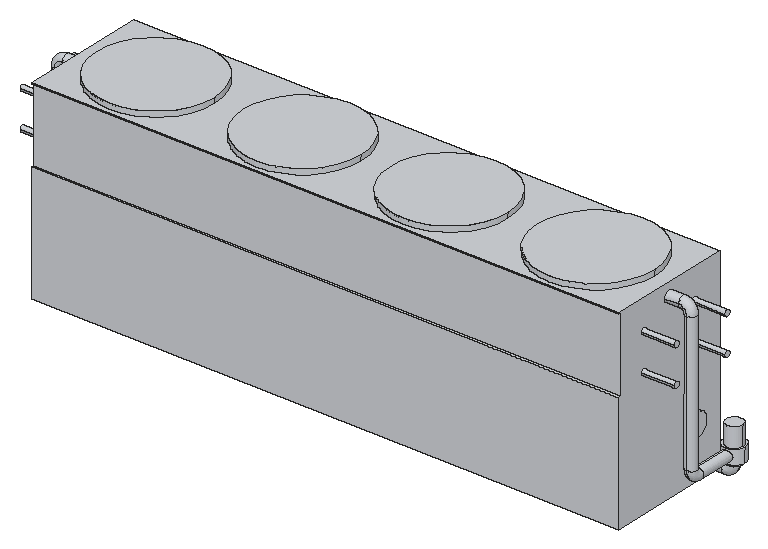
Revit family "880daf4476744f56b9529a714e6fabf3", category Mechanical Equipment, Revit 2021
Family settings
  Round Connector Dimension = Use Radius
  Part Type = Normal
  OmniClass Number = 23.75.10.37.11
  OmniClass Title = Mechanical-Draft Cooling Towers
  Seek Item ID = Cooling Tower - Closed Circuit - Counterflow - 454-1289 MBH-0000-USA-ENU
  Work Plane-Based = No
  Always vertical = Yes
  Cut with Voids When Loaded = No
  Shared = No
  Room Calculation Point = No
Parameters (values of type "936 MBH")
  Voltage = 460 V
  Visible 2 = no
  Visible 1 = yes
  Tower Width = 7' - 10"
  Tower Material = none
  Tower Length = 36' - 1 1/2"
  Tower Height = 12' - 3 1/4"
  Radius 2 = Tower Length / 14  # 2' - 6.96429"
  Radius 1 = Tower Length / 10  # 3' - 7.35"
  Make-up Water Radius = 1"
  Make-up Water Pressure Drop [instance] = 0.00 psi
  Load Classification = Cooling
  Drain Radius = 2"
  Default Elevation = 0' - 0"
  Cooling Water Pressure Drop [instance] = 75.00 psi
  Number of Poles = 3
  Number of Fans [instance] = 4
  Motor HP = 115
  Make-up Water Flow [instance] = 0.05 * Cooling Water Flow / 100  # 0.84 GPM
  Length 2 = 1' - 7 3/4"
  Length 1 = 2' - 0 7/8"
  Height 1 = 7' - 3 3/8"
  Heat Loss [instance] = 936000 Btu/h
  Fan Air Flow [instance] = 165800 CFM
  Distance 2 = 2' - 3"
  Distance 1 = 3' - 10 7/8"
  Cooling Water Radius = Cooling Water Diameter / 2  # 2"
  Cooling Water Flow [instance] = 1680 GPM
  Cooling Water Diameter = 4"
  C9 Offset 2 = 2' - 11"
  C9 Offset 1 = 3' - 2 5/8"
  C7 Offset 2 = 0' - 7"
  C10 Offset 2 = 0' - 3 1/4"
  C10 Offset 1 = 3' - 2 5/8"
  C1 Offset 1 = 2' - 0 1/2"
  Apparent Load = 72078 VA
Types (17): name | Visible 2 | Visible 1 | Tower Width | Tower Length | Tower Height | Radius 2 | Radius 1 | Cooling Water Pressure Drop | Number of Fans | Motor HP | Make-up Water Flow | Length 2 | Length 1 | Height 1 | Heat Loss | Fan Air Flow | Distance 2 | Distance 1 | Cooling Water Flow | C9 Offset 2 | C9 Offset 1 | C7 Offset 2 | C10 Offset 2 | C10 Offset 1 | C1 Offset 1 | Apparent Load
  (no name) | no | yes | 7' - 10" | 36' - 1 1/2" | 12' - 3 1/4" | 2' - 6.96429" | 3' - 7.35" | 75.00 psi | 4 | 115 | 0.84 GPM | 1' - 7 3/4" | 2' - 0 7/8" | 7' - 3 3/8" | 936000 Btu/h | 165800 CFM | 2' - 3" | 3' - 10 7/8" | 1680 GPM | 2' - 11" | 3' - 2 5/8" | 0' - 7" | 0' - 3 1/4" | 3' - 2 5/8" | 2' - 0 1/2" | 72078 VA
  998 MBH | no | yes | 9' - 9 3/4" | 36' - 1 1/2" | 12' - 10 3/4" | 2' - 6.96429" | 3' - 7.35" | 75.00 psi | 4 | 117 | 0.84 GPM | 1' - 7 3/4" | 2' - 0 7/8" | 7' - 3 3/8" | 998000 Btu/h | 162400 CFM | 2' - 3" | 3' - 11 7/8" | 1680 GPM | 2' - 11" | 3' - 2 5/8" | 0' - 7" | 0' - 3 1/4" | 3' - 2 5/8" | 2' - 0 1/2" | 73331 VA
  1078 MBH | yes | no | 9' - 9 3/4" | 36' - 2" | 13' - 2 3/4" | 2' - 7" | 3' - 7.4" | 80.00 psi | 6 | 75 | 1.03 GPM | 1' - 9" | 2' - 2" | 8' - 6 1/2" | 1078000 Btu/h | 224400 CFM | 2' - 6 3/4" | 4' - 9" | 2060 GPM | 2' - 7" | 4' - 1 7/8" | 0' - 4 5/8" | 0' - 3 3/4" | 1' - 11 7/8" | 2' - 6 1/4" | 47007 VA
  1210 MBH | yes | no | 9' - 9 3/4" | 36' - 2" | 13' - 11 1/4" | 2' - 7" | 3' - 7.4" | 80.00 psi | 6 | 75 | 1.03 GPM | 1' - 9" | 2' - 2" | 8' - 6 1/2" | 1210000 Btu/h | 217400 CFM | 2' - 6 3/4" | 4' - 9" | 2060 GPM | 2' - 7" | 4' - 1 7/8" | 0' - 4 5/8" | 0' - 3 3/4" | 1' - 11 7/8" | 2' - 6 1/4" | 47007 VA
  1289 MBH | yes | no | 9' - 9 3/4" | 36' - 2" | 14' - 7 3/4" | 2' - 7" | 3' - 7.4" | 80.00 psi | 6 | 75 | 1.03 GPM | 1' - 9" | 2' - 2" | 8' - 6 1/2" | 1289000 Btu/h | 212400 CFM | 2' - 6 3/4" | 4' - 9" | 2060 GPM | 2' - 7" | 4' - 1 7/8" | 0' - 4 5/8" | 0' - 3 3/4" | 1' - 11 7/8" | 2' - 6 1/4" | 47007 VA
  454 MBH | no | yes | 7' - 10" | 24' - 1" | 11' - 0 1/4" | 1' - 8.64286" | 2' - 4.9" | 70.00 psi | 4 | 60 | 0.57 GPM | 1' - 6 5/8" | 1' - 6" | 7' - 3 3/8" | 454000 Btu/h | 104700 CFM | 2' - 3" | 3' - 8 7/8" | 1140 GPM | 2' - 11" | 3' - 2 5/8" | 0' - 7" | 0' - 3 1/4" | 3' - 2 5/8" | 2' - 0 1/2" | 37606 VA
  552 MBH | no | yes | 7' - 10" | 24' - 1" | 11' - 7 3/4" | 1' - 8.64286" | 2' - 4.9" | 70.00 psi | 4 | 70 | 0.57 GPM | 1' - 6 5/8" | 1' - 6" | 7' - 3 3/8" | 552000 Btu/h | 109100 CFM | 2' - 3" | 3' - 9 7/8" | 1140 GPM | 2' - 11" | 3' - 2 5/8" | 0' - 7" | 0' - 3 1/4" | 3' - 2 5/8" | 2' - 0 1/2" | 43874 VA
  588 MBH | yes | no | 7' - 10" | 18' - 0 1/4" | 12' - 6 1/4" | 1' - 3.44643" | 1' - 9 5/8" | 75.00 psi | 6 | 90 | 0.515 GPM | 1' - 5" | 1' - 5" | 8' - 6 1/2" | 588000 Btu/h | 107200 CFM | 2' - 6 3/4" | 4' - 9" | 1030 GPM | 2' - 7" | 4' - 1 7/8" | 0' - 4 5/8" | 0' - 3 3/4" | 1' - 11 7/8" | 2' - 6 1/4" | 56409 VA
  618 MBH | no | yes | 7' - 10" | 24' - 1" | 12' - 3 1/4" | 1' - 8.64286" | 2' - 4.9" | 70.00 psi | 4 | 90 | 0.57 GPM | 1' - 6 5/8" | 1' - 6" | 7' - 3 3/8" | 618000 Btu/h | 117700 CFM | 2' - 3" | 3' - 10 7/8" | 1140 GPM | 2' - 11" | 3' - 2 5/8" | 0' - 7" | 0' - 3 1/4" | 3' - 2 5/8" | 2' - 0 1/2" | 56409 VA
  658 MBH | no | yes | 9' - 9 3/4" | 24' - 1" | 12' - 10 3/4" | 1' - 8.64286" | 2' - 4.9" | 70.00 psi | 4 | 90 | 0.57 GPM | 1' - 6 5/8" | 1' - 6" | 7' - 3 3/8" | 658000 Btu/h | 115300 CFM | 2' - 3" | 3' - 11 7/8" | 1140 GPM | 2' - 11" | 3' - 2 5/8" | 0' - 7" | 0' - 3 1/4" | 3' - 2 5/8" | 2' - 0 1/2" | 56409 VA
  688 MBH | no | yes | 9' - 9 3/4" | 36' - 1 1/2" | 11' - 0 1/4" | 2' - 6.96429" | 3' - 7.35" | 75.00 psi | 4 | 97 | 0.84 GPM | 1' - 7 3/4" | 2' - 0 7/8" | 7' - 3 3/8" | 688000 Btu/h | 160200 CFM | 2' - 3" | 3' - 8 7/8" | 1680 GPM | 2' - 11" | 3' - 2 5/8" | 0' - 7" | 0' - 3 1/4" | 3' - 2 5/8" | 2' - 0 1/2" | 60796 VA
  712 MBH | yes | no | 9' - 9 3/4" | 18' - 0 1/4" | 13' - 2 3/4" | 1' - 3.44643" | 1' - 9 5/8" | 75.00 psi | 6 | 90 | 0.515 GPM | 1' - 5" | 1' - 5" | 8' - 6 1/2" | 712000 Btu/h | 112200 CFM | 2' - 6 3/4" | 4' - 9" | 1030 GPM | 2' - 7" | 4' - 1 7/8" | 0' - 4 5/8" | 0' - 3 3/4" | 1' - 11 7/8" | 2' - 6 1/4" | 56409 VA
  799 MBH | yes | no | 9' - 9 3/4" | 18' - 0 1/4" | 13' - 11 1/4" | 1' - 3.44643" | 1' - 9 5/8" | 75.00 psi | 6 | 90 | 0.515 GPM | 1' - 5" | 1' - 5" | 8' - 6 1/2" | 799000 Btu/h | 108700 CFM | 2' - 6 3/4" | 4' - 9" | 1030 GPM | 2' - 7" | 4' - 1 7/8" | 0' - 4 5/8" | 0' - 3 3/4" | 1' - 11 7/8" | 2' - 6 1/4" | 56409 VA
  834 MBH | no | yes | 7' - 10" | 36' - 1 1/2" | 11' - 7 3/4" | 2' - 6.96429" | 3' - 7.35" | 75.00 psi | 4 | 99 | 0.84 GPM | 1' - 7 3/4" | 2' - 0 7/8" | 7' - 3 3/8" | 834000 Btu/h | 157100 CFM | 2' - 3" | 3' - 9 7/8" | 1680 GPM | 2' - 11" | 3' - 2 5/8" | 0' - 7" | 0' - 3 1/4" | 3' - 2 5/8" | 2' - 0 1/2" | 62050 VA
  851 MBH | yes | no | 7' - 10" | 18' - 0 1/4" | 14' - 7 3/4" | 1' - 3.44643" | 1' - 9 5/8" | 75.00 psi | 6 | 90 | 0.515 GPM | 1' - 5" | 1' - 5" | 8' - 6 1/2" | 851000 Btu/h | 106200 CFM | 2' - 6 3/4" | 4' - 9" | 1030 GPM | 2' - 7" | 4' - 1 7/8" | 0' - 4 5/8" | 0' - 3 3/4" | 1' - 11 7/8" | 2' - 6 1/4" | 56409 VA
  870 MBH | yes | no | 7' - 10" | 36' - 2" | 12' - 6 1/4" | 2' - 7" | 3' - 7.4" | 80.00 psi | 6 | 65 | 1.03 GPM | 1' - 9" | 2' - 2" | 8' - 6 1/2" | 870000 Btu/h | 214400 CFM | 2' - 6 3/4" | 4' - 9" | 2060 GPM | 2' - 7" | 4' - 1 7/8" | 0' - 4 5/8" | 0' - 3 3/4" | 1' - 11 7/8" | 2' - 6 1/4" | 40740 VA
  936 MBH | no | yes | 7' - 10" | 36' - 1 1/2" | 12' - 3 1/4" | 2' - 6.96429" | 3' - 7.35" | 75.00 psi | 4 | 115 | 0.84 GPM | 1' - 7 3/4" | 2' - 0 7/8" | 7' - 3 3/8" | 936000 Btu/h | 165800 CFM | 2' - 3" | 3' - 10 7/8" | 1680 GPM | 2' - 11" | 3' - 2 5/8" | 0' - 7" | 0' - 3 1/4" | 3' - 2 5/8" | 2' - 0 1/2" | 72078 VA
Reference planes
  plane 1 "Center (Front/Back)": y = 0
  plane 2: z = 0
  plane 3 "Center (Left/Right)": x = 0
  plane 4: y = 2387.6
  plane 5: x = 11010.9
  plane 6: x = -631.825
  plane 7: y = 50.8
  plane 8: z = 3740.15
  plane 9: z = 3616.325
  plane 10: z = 3641.725
  plane 11: z = 2219.325
  plane 12 "2": x = -428.625
  plane 13 "1": y = 2184.4
  plane 14: z = 1066.8
  plane 15: z = 82.55
  plane 16: z = 184.15
  plane 17: z = 336.55
  plane 18: z = 387.35
  plane 19: z = 641.35
  plane 20: z = 996.95
  plane 21: z = 514.35
  plane 22: x = -276.225
  plane 23: x = 11642.725
  plane 24 "4": x = 11439.525
  plane 25: x = 11287.125
  plane 26: y = 1765.3
  plane 27: y = 574.675
  plane 28 "3": y = 1169.987
  plane 29: y = 1322.387
  plane 30: z = 666.75
  plane 31: z = 3514.725
  plane 32: z = 3260.725
  plane 33: z = 3413.125
  plane 34: z = 2397.125
  plane 35: z = 3082.925
  plane 36: z = 889
  plane 37: y = 1406.525
  plane 38: y = 1406.525
  plane 39: x = -50.8
  plane 40: x = 11061.7
  plane 41: z = 2092.325
  plane 42: z = 127
  plane 43: x = 127
  plane 44: x = 10883.9
  plane 45: z = 1811.564
  plane 46: z = 1530.804
  plane 47: z = 1250.043
  plane 48: z = 969.282
  plane 49: z = 688.521
  plane 50: z = 407.761
  plane 51: x = 5505.45
  plane 52: x = 8258.175
  plane 53: x = 2752.725
  plane 54: x = 7340.6
  plane 55: x = 9175.75
  plane 56: x = 3670.3
  plane 57: x = 1835.15
  plane 58: x = 10093.325
  plane 59: x = 917.575
  plane 60: x = 4587.875
  plane 61: x = 6423.025
  plane 62: x = 4129.087
  plane 63: x = 6881.813
  plane 64: x = 1376.363
  plane 65: x = 9634.538
  plane 66: y = 1193.8
Forms (mm)
  Extrusion 1, solid, material <- "Tower Material"
    sketch origin (0, 0, 0) x (0, 1, 0) y (0, 0, 1)
      loop
        line (2387.6, 3641.725) -> (0, 3641.725) -> (0, 3616.325) -> (50.8, 3616.325) -> (50.8, 2219.325) -> (0, 2219.325) -> (0, 0) -> (2387.6, 0) -> (2387.6, 3641.725)
    from 11010.9 to 0
  Extrusion 2, solid, material <- "Tower Material", detail levels medium+fine
    sketch origin (0, 0, 0) x (1, 0, 0) y (0, 1, 0)
      loop
        circle (-428.625, 2184.4) r 203.2
      loop
        circle (11439.525, 2184.4) r 203.2
    from 387.35 to 641.35
  Extrusion 3, solid, material <- "Tower Material", detail levels medium+fine
    sketch origin (0, 0, 0) x (1, 0, 0) y (0, 1, 0)
      loop
        circle (-428.625, 2184.4) r 152.4
      loop
        circle (11439.525, 2184.4) r 152.4
    from 336.55 to 996.95
  Sweep 4, solid, material <- "Tower Material", detail levels medium+fine
    path in 3D
      loop
        arc (-428.625, 2184.4, 336.55) -> (-383.988, 2184.4, 228.787) -> (-276.225, 2184.4, 184.15) r 152.4
        line (-276.225, 2184.4, 184.15) -> (0, 2184.4, 184.15)
    profile origin (-138.112, 2184.4, 184.15) x (0, 0, -1) y (0, 1, 0)
      loop
        circle (0, 0) r 101.6
  Sweep 5, solid, material <- "Tower Material", detail levels medium+fine
    path in 3D
      loop
        arc (11439.525, 2184.4, 336.55) -> (11394.888, 2184.4, 228.787) -> (11287.125, 2184.4, 184.15) r 152.4
        line (11287.125, 2184.4, 184.15) -> (11010.9, 2184.4, 184.15)
    profile origin (11149.013, 2184.4, 184.15) x (0, 0, 1) y (0, 1, 0)
      loop
        circle (0, 0) r 101.6
  Sweep 6, solid, material <- "Tower Material", detail levels medium+fine
    path in 3D
      loop
        line (-428.625, 2184.4, 514.35) -> (-428.625, 1322.387, 514.35)
        arc (-428.625, 1322.387, 514.35) -> (-428.625, 1214.624, 558.987) -> (-428.625, 1169.987, 666.75) r 152.4
        line (-428.625, 1169.987, 666.75) -> (-428.625, 1169.987, 3260.725)
        arc (-428.625, 1169.987, 3260.725) -> (-383.988, 1169.987, 3368.488) -> (-276.225, 1169.987, 3413.125) r 152.4
        line (-276.225, 1169.987, 3413.125) -> (0, 1169.987, 3413.125)
    profile origin (-428.625, 1753.394, 514.35) x (0, 0, -1) y (1, 0, 0)
      loop
        circle (0, 0) r 101.6
  Sweep 7, solid, material <- "Tower Material", detail levels medium+fine
    path in 3D
      loop
        line (11439.525, 2184.4, 514.35) -> (11439.525, 1322.387, 514.35)
        arc (11439.525, 1322.387, 514.35) -> (11439.525, 1214.624, 558.987) -> (11439.525, 1169.987, 666.75) r 152.4
        line (11439.525, 1169.987, 666.75) -> (11439.525, 1169.987, 3260.725)
        arc (11439.525, 1169.987, 3260.725) -> (11394.888, 1169.987, 3368.488) -> (11287.125, 1169.987, 3413.125) r 152.4
        line (11287.125, 1169.987, 3413.125) -> (11010.9, 1169.987, 3413.125)
    profile origin (11439.525, 1753.394, 514.35) x (0, 0, -1) y (1, 0, 0)
      loop
        circle (0, 0) r 101.6
  Extrusion 8, solid, material <- "Tower Material"
    sketch origin (11439.525, 0, 0) x (0, 1, 0) y (0, 0, 1)
      loop
        circle (1765.3, 3082.925) r 50.8
      loop
        circle (574.675, 3082.925) r 50.8
      loop
        circle (1765.3, 2397.125) r 50.8
      loop
        circle (574.675, 2397.125) r 50.8
    from -12071.35 to -11439.525
  Extrusion 9, solid, material <- "Tower Material"
    sketch origin (11439.525, 0, 0) x (0, 1, 0) y (0, 0, 1)
      loop
        circle (1765.3, 3082.925) r 50.8
      loop
        circle (574.675, 3082.925) r 50.8
      loop
        circle (1765.3, 2397.125) r 50.8
      loop
        circle (574.675, 2397.125) r 50.8
    from -428.625 to 203.2
  Extrusion 10, solid, material <- "Tower Material"
    sketch origin (11439.525, 0, 0) x (0, 1, 0) y (0, 0, 1)
      loop
        circle (1406.525, 889) r 25.4
      loop
        circle (1765.3, 996.95) r 228.6
      loop
        circle (1406.525, 82.55) r 50.8
    from -11490.325 to -11439.525
  Extrusion 11, solid, material <- "Tower Material"
    sketch origin (11439.525, 0, 0) x (0, 1, 0) y (0, 0, 1)
      loop
        circle (1765.3, 996.95) r 228.6
    from -428.625 to -377.825
  Extrusion 12, solid, material <- "Tower Material", visible <- "Visible 1"
    sketch origin (0, 0, 0) x (1, 0, 0) y (0, 1, 0)
      loop
        circle (1376.363, 1193.8) r 1101.09
      loop
        circle (4129.088, 1193.8) r 1101.09
      loop
        circle (6881.813, 1193.8) r 1101.09
      loop
        circle (9634.538, 1193.8) r 1101.09
    from 3641.725 to 3740.15
  Extrusion 13, solid, material <- "Tower Material", visible <- "Visible 2"
    sketch origin (0, 0, 0) x (1, 0, 0) y (0, 1, 0)
      loop
        circle (917.575, 1193.8) r 786.493
      loop
        circle (2752.725, 1193.8) r 786.493
      loop
        circle (4587.875, 1193.8) r 786.493
      loop
        circle (6423.025, 1193.8) r 786.493
      loop
        circle (8258.175, 1193.8) r 786.493
      loop
        circle (10093.325, 1193.8) r 786.493
    from 3641.725 to 3740.15
Cuts and joins
  joined: Extrusion 2, Extrusion 3, Sweep 4, Sweep 5, Sweep 6, Sweep 7
  joined: Extrusion 1, Extrusion 8, Extrusion 9, Extrusion 10, Extrusion 11
Lines and regions (mm)
  reference lines
    curve 1: arc (-428.625, 2184.4, 336.55) -> (-383.988, 2184.4, 228.787) -> (-276.225, 2184.4, 184.15) r 152.4
    curve 2: line (-276.225, 2184.4, 184.15) -> (0, 2184.4, 184.15)
    curve 5: arc (11287.125, 2184.4, 184.15) -> (11394.888, 2184.4, 228.787) -> (11439.525, 2184.4, 336.55) r 152.4
    curve 6: line (11287.125, 2184.4, 184.15) -> (11010.9, 2184.4, 184.15)
    curve 9: line (-428.625, 2184.4, 514.35) -> (-428.625, 1322.387, 514.35)
    curve 10: arc (-428.625, 1322.387, 514.35) -> (-428.625, 1214.624, 558.987) -> (-428.625, 1169.987, 666.75) r 152.4
    curve 11: line (-428.625, 1169.987, 666.75) -> (-428.625, 1169.987, 3260.725)
    curve 12: arc (-428.625, 1169.987, 3260.725) -> (-383.988, 1169.987, 3368.488) -> (-276.225, 1169.987, 3413.125) r 152.4
    curve 13: line (-276.225, 1169.987, 3413.125) -> (0, 1169.987, 3413.125)
    curve 19: line (11439.525, 2184.4, 514.35) -> (11439.525, 1322.387, 514.35)
    curve 20: arc (11439.525, 1322.387, 514.35) -> (11439.525, 1214.624, 558.987) -> (11439.525, 1169.987, 666.75) r 152.4
    curve 21: line (11439.525, 1169.987, 666.75) -> (11439.525, 1169.987, 3260.725)
    curve 22: arc (11439.525, 1169.987, 3260.725) -> (11394.888, 1169.987, 3368.488) -> (11287.125, 1169.987, 3413.125) r 152.4
    curve 23: line (11287.125, 1169.987, 3413.125) -> (11010.9, 1169.987, 3413.125)
  sketch lines
    curve 3: line (-276.225, 2184.4, 184.15) -> (0, 2184.4, 184.15)
    curve 4: arc (-428.625, 2184.4, 336.55) -> (-383.988, 2184.4, 228.787) -> (-276.225, 2184.4, 184.15) r 152.4
    curve 7: line (11287.125, 2184.4, 184.15) -> (11010.9, 2184.4, 184.15)
    curve 8: arc (11287.125, 2184.4, 184.15) -> (11394.888, 2184.4, 228.787) -> (11439.525, 2184.4, 336.55) r 152.4
    curve 14: line (-428.625, 2184.4, 514.35) -> (-428.625, 1322.387, 514.35)
    curve 15: arc (-428.625, 1322.387, 514.35) -> (-428.625, 1214.624, 558.987) -> (-428.625, 1169.987, 666.75) r 152.4
    curve 16: line (-428.625, 1169.987, 666.75) -> (-428.625, 1169.987, 3260.725)
    curve 17: arc (-428.625, 1169.987, 3260.725) -> (-383.988, 1169.987, 3368.488) -> (-276.225, 1169.987, 3413.125) r 152.4
    curve 18: line (-276.225, 1169.987, 3413.125) -> (0, 1169.987, 3413.125)
    curve 24: line (11439.525, 2184.4, 514.35) -> (11439.525, 1322.387, 514.35)
    curve 25: arc (11439.525, 1322.387, 514.35) -> (11439.525, 1214.624, 558.987) -> (11439.525, 1169.987, 666.75) r 152.4
    curve 26: line (11439.525, 1169.987, 666.75) -> (11439.525, 1169.987, 3260.725)
    curve 27: arc (11439.525, 1169.987, 3260.725) -> (11394.888, 1169.987, 3368.488) -> (11287.125, 1169.987, 3413.125) r 152.4
    curve 28: line (11287.125, 1169.987, 3413.125) -> (11010.9, 1169.987, 3413.125)
  model lines, detail levels medium+fine
    curve 29: line (127, 0, 2092.325) -> (10883.9, 0, 2092.325)
    curve 30: line (127, 0, 127) -> (127, 0, 2092.325)
    curve 31: line (10883.9, 0, 127) -> (127, 0, 127)
    curve 32: line (10883.9, 0, 2092.325) -> (10883.9, 0, 127)
    curve 33: line (127, 0, 1811.564) -> (10883.9, 0, 1811.564)
    curve 34: line (10883.9, 0, 1530.804) -> (127, 0, 1530.804)
    curve 35: line (127, 0, 1250.043) -> (10883.9, 0, 1250.043)
    curve 36: line (10883.9, 0, 969.282) -> (127, 0, 969.282)
    curve 37: line (10883.9, 0, 688.521) -> (127, 0, 688.521)
    curve 38: line (10883.9, 0, 407.761) -> (127, 0, 407.761)
Dimensions and locks
  "Tower Width": plane 4 to plane 1 "Center (Front/Back)"
  "Tower Length": plane 3 "Center (Left/Right)" to plane 5
  "Length 1": plane 6 to plane 3 "Center (Left/Right)"
  locked: plane 7 to plane 1 "Center (Front/Back)" at 50.8
  "Tower Height": plane 8 to plane 2
  locked: plane 8 to plane 9 at 123.825
  locked: plane 10 to plane 9 at 25.4
  "Height 1": plane 11 to plane 2
  locked: plane 6 to plane 12 "2" at 203.2
  locked: plane 4 to plane 13 "1" at 203.2
  "C10 Offset 2": plane 15 to plane 2
  locked: plane 16 to plane 15 at 101.6
  locked: plane 17 to plane 16 at 152.4
  locked: plane 18 to plane 17 at 50.8
  locked: plane 19 to plane 18 at 254
  locked: plane 20 to plane 19 at 355.6
  equal spacing: plane 19, plane 21, plane 18
  locked: plane 22 to plane 12 "2" at 152.4
  "Length 1": plane 5 to plane 23
  locked: plane 24 "4" to plane 23 at 203.2
  locked: plane 24 "4" to plane 25 at 152.4
  "C1 Offset 1": plane 4 to plane 26
  "Distance 1": plane 26 to plane 27
  equal spacing: plane 26, plane 28 "3", plane 27
  locked: plane 29 to plane 28 "3" at 152.4
  locked: plane 30 to plane 21 at 152.4
  locked: plane 9 to plane 31 at 101.6
  locked: plane 32 to plane 31 at 254
  locked: plane 32 to plane 33 at 152.4
  "C7 Offset 2": plane 34 to plane 11
  "Distance 2": plane 35 to plane 34
  "C9 Offset 2": plane 36 to plane 2
  "C9 Offset 1": plane 4 to plane 37
  "C10 Offset 1": plane 4 to plane 38
  locked: plane 39 to plane 3 "Center (Left/Right)" at 50.8
  locked: plane 5 to plane 40 at 50.8
  locked: plane 11 to plane 41 at 127
  locked: plane 42 to plane 2 at 127
  locked: plane 5 to plane 44 at 127
  locked: plane 43 to plane 3 "Center (Left/Right)" at 127
  equal spacing: plane 41, plane 45, plane 46, plane 47, plane 48, plane 49, plane 50, plane 42
  equal spacing: plane 3 "Center (Left/Right)", plane 53, plane 51, plane 52, plane 5
  equal spacing: plane 3 "Center (Left/Right)", plane 57, plane 56, plane 51
  equal spacing: plane 51, plane 54, plane 55, plane 5
  equal spacing: plane 55, plane 58, plane 5
  equal spacing: plane 51, plane 61, plane 54
  equal spacing: plane 56, plane 60, plane 51
  equal spacing: plane 3 "Center (Left/Right)", plane 59, plane 57
  equal spacing: plane 3 "Center (Left/Right)", plane 64, plane 53
  equal spacing: plane 53, plane 62, plane 51
  equal spacing: plane 51, plane 63, plane 52
  equal spacing: plane 52, plane 65, plane 5
  equal spacing: plane 4, plane 66, plane 1 "Center (Front/Back)"
  radius of Extrusion 2 sketch curve = 0' - 8"  (x2)
  radius of Extrusion 3 sketch curve = 0' - 6"  (x2)
  radius of curve 1 = 0' - 6"
  radius of Sweep 4 sketch curve = 0' - 4"
  radius of curve 5 = 0' - 6"
  radius of Sweep 5 sketch curve = 0' - 4"
  radius of curve 10 = 0' - 6"
  radius of Sweep 6 sketch curve = 0' - 4"
  radius of curve 20 = 0' - 6"
  radius of curve 22 = 0' - 6"
  radius of Sweep 7 sketch curve = 0' - 4"
  "Cooling Water Radius": radius of Extrusion 8 sketch curve  (x4)
  "Cooling Water Radius": radius of Extrusion 9 sketch curve  (x4)
  "Drain Radius": radius of Extrusion 10 sketch curve
  radius of Extrusion 11 sketch curve = 0' - 9"
  "Make-up Water Radius": radius of Extrusion 10 sketch curve
  radius of Extrusion 10 sketch curve = 0' - 9"
  "Radius 1": radius of Extrusion 12 sketch curve  (x4)
  "Radius 2": radius of Extrusion 13 sketch curve  (x6)
  aligned and locked: plane 10 to Extrusion 1 sketch curve
  aligned and locked: plane 1 "Center (Front/Back)" to Extrusion 1 sketch curve  (x2)
  aligned and locked: Extrusion 1 sketch curve to plane 9
  aligned and locked: Extrusion 1 sketch curve to plane 7
  aligned and locked: Extrusion 1 sketch curve to plane 2
  aligned and locked: Extrusion 1 sketch curve to plane 4
  aligned and locked: plane 5 to Extrusion 1
  aligned and locked: Extrusion 1 to plane 3 "Center (Left/Right)"
  aligned and locked: plane 12 "2" to Extrusion 2 sketch curve
  aligned and locked: plane 13 "1" to Extrusion 2 sketch curve
  aligned and locked: Extrusion 2 to plane 18
  aligned and locked: plane 12 "2" to Extrusion 3 sketch curve
  aligned and locked: plane 13 "1" to Extrusion 3 sketch curve
  aligned and locked: Extrusion 3 to plane 20
  aligned and locked: Extrusion 3 to plane 17
  aligned and locked: plane 22 to curve 1
  aligned and locked: plane 17 to curve 1
  aligned and locked: plane 24 "4" to Extrusion 2 sketch curve
  aligned and locked: Extrusion 2 sketch curve to plane 13 "1"
  aligned and locked: plane 24 "4" to Extrusion 3 sketch curve
  aligned and locked: Extrusion 3 sketch curve to plane 13 "1"
  aligned and locked: plane 25 to curve 5
  aligned and locked: curve 5 to plane 17
  aligned and locked: plane 29 to curve 10
  aligned and locked: plane 30 to curve 10
  aligned and locked: plane 22 to curve 12
  aligned and locked: plane 32 to curve 12
  aligned and locked: plane 29 to curve 20
  aligned and locked: plane 30 to curve 20
  aligned and locked: plane 25 to curve 22
  aligned and locked: plane 32 to curve 22
  aligned and locked: plane 26 to Extrusion 8 sketch curve  (x2)
  aligned and locked: plane 35 to Extrusion 8 sketch curve  (x2)
  aligned and locked: plane 34 to Extrusion 8 sketch curve  (x2)
  aligned and locked: plane 27 to Extrusion 8 sketch curve  (x2)
  aligned and locked: Extrusion 8 to plane 6
  aligned and locked: plane 3 "Center (Left/Right)" to Extrusion 8
  aligned and locked: plane 27 to Extrusion 9 sketch curve  (x2)
  aligned and locked: plane 35 to Extrusion 9 sketch curve  (x2)
  aligned and locked: plane 34 to Extrusion 9 sketch curve  (x2)
  aligned and locked: plane 26 to Extrusion 9 sketch curve  (x2)
  aligned and locked: Extrusion 9 to plane 5
  aligned and locked: plane 23 to Extrusion 9
  aligned and locked: plane 38 to Extrusion 10 sketch curve
  aligned and locked: plane 15 to Extrusion 10 sketch curve
  aligned and locked: plane 26 to Extrusion 10 sketch curve
  aligned and locked: plane 20 to Extrusion 10 sketch curve
  aligned and locked: plane 37 to Extrusion 10 sketch curve
  aligned and locked: plane 36 to Extrusion 10 sketch curve
  aligned and locked: Extrusion 10 to plane 39
  aligned and locked: plane 3 "Center (Left/Right)" to Extrusion 10
  aligned and locked: plane 26 to Extrusion 11 sketch curve
  aligned and locked: plane 20 to Extrusion 11 sketch curve
  aligned and locked: Extrusion 11 to plane 5
  aligned and locked: plane 40 to Extrusion 11
  aligned and locked: plane 43 to curve 29
  aligned and locked: curve 29 to plane 41
  aligned and locked: plane 42 to curve 32
  aligned and locked: curve 32 to plane 44
  aligned and locked: plane 64 to Extrusion 12 sketch curve
  aligned and locked: plane 66 to Extrusion 12 sketch curve  (x4)
  aligned and locked: plane 62 to Extrusion 12 sketch curve
  aligned and locked: plane 63 to Extrusion 12 sketch curve
  aligned and locked: plane 65 to Extrusion 12 sketch curve
  aligned and locked: plane 58 to Extrusion 13 sketch curve
  aligned and locked: plane 66 to Extrusion 13 sketch curve  (x6)
  aligned and locked: plane 52 to Extrusion 13 sketch curve
  aligned and locked: plane 61 to Extrusion 13 sketch curve
  aligned and locked: plane 60 to Extrusion 13 sketch curve
  aligned and locked: plane 53 to Extrusion 13 sketch curve
  aligned and locked: plane 59 to Extrusion 13 sketch curve
  aligned and locked: Extrusion 12 to plane 8
  aligned and locked: Extrusion 12 to plane 10
  aligned and locked: Extrusion 13 to plane 8
  aligned and locked: Extrusion 13 to plane 10
Automatic sketch dimensions
  Extrusion 1 sketch curve to plane 11 = 0' - 0"
  Sweep 4 sketch curve to profile plane = 0' - 0"  (x2)
  curve 6 to plane 5 = 0' - 0"
  curve 2 to plane 3 "Center (Left/Right)" = 0' - 0"
  Sweep 5 sketch curve to profile plane = 0' - 0"  (x2)
  curve 9 to plane 13 "1" = 0' - 0"
  curve 11 to plane 32 = 0' - 0"
  Sweep 6 sketch curve to profile plane = 0' - 0"  (x2)
  curve 19 to plane 13 "1" = 0' - 0"
  curve 21 to plane 32 = 0' - 0"
  curve 13 to plane 33 = 0' - 0"
  curve 23 to plane 5 = 0' - 0"
  curve 13 to plane 3 "Center (Left/Right)" = 0' - 0"
  Sweep 7 sketch curve to profile plane = 0' - 0"  (x2)
  curve 38 to plane 50 = 0' - 0"
  curve 37 to plane 49 = 0' - 0"
  curve 36 to plane 48 = 0' - 0"
  curve 35 to plane 47 = 0' - 0"
  curve 34 to plane 46 = 0' - 0"
  curve 33 to plane 45 = 0' - 0"
Connectors
  piping at (-631.825, 1765.3, 3082.925), diameter 101.6, driven by "Cooling Water Radius", driven by "Cooling Water Pressure Drop", driven by "Cooling Water Flow"
    settings: on Extrusion 8, index 1, connector inside diameter 4", connector length 0' - 0", flow factor 0, pipe flow 1680 GPM, pressure drop 75.00 psi, fitting loss kfactor 0, connector angle 0.00°, fixture units 0, engagement length 0' - 0", angle of deflection 0.00°, flow configuration 0, flow direction 2, fitting loss method 4, system type 7, joint type 0, gender type 0, connector reference index 5, connector utility 0, adjustable connector no, is connector primary yes, connector description "Condenser Water Out"
  piping at (11642.725, 1765.3, 3082.925), diameter 101.6, driven by "Cooling Water Radius", driven by "Cooling Water Pressure Drop", driven by "Cooling Water Flow"
    settings: on Extrusion 9, index 2, connector inside diameter 4", connector length 0' - 0", flow factor 0, pipe flow 1680 GPM, pressure drop 75.00 psi, fitting loss kfactor 0, connector angle 0.00°, fixture units 0, engagement length 0' - 0", angle of deflection 0.00°, flow configuration 0, flow direction 2, fitting loss method 4, system type 7, joint type 0, gender type 0, connector reference index 6, connector utility 0, adjustable connector no, is connector primary no, connector description "Condenser Water Out"
  piping at (-631.825, 574.675, 3082.925), diameter 101.6, driven by "Cooling Water Radius", driven by "Cooling Water Pressure Drop", driven by "Cooling Water Flow"
    settings: on Extrusion 8, index 3, connector inside diameter 4", connector length 0' - 0", flow factor 0, pipe flow 1680 GPM, pressure drop 75.00 psi, fitting loss kfactor 0, connector angle 0.00°, fixture units 0, engagement length 0' - 0", angle of deflection 0.00°, flow configuration 0, flow direction 2, fitting loss method 4, system type 7, joint type 0, gender type 0, connector reference index 7, connector utility 0, adjustable connector no, is connector primary no, connector description "Condenser Water Out"
  piping at (11642.725, 574.675, 3082.925), diameter 101.6, driven by "Cooling Water Radius", driven by "Cooling Water Pressure Drop", driven by "Cooling Water Flow"
    settings: on Extrusion 9, index 4, connector inside diameter 4", connector length 0' - 0", flow factor 0, pipe flow 1680 GPM, pressure drop 75.00 psi, fitting loss kfactor 0, connector angle 0.00°, fixture units 0, engagement length 0' - 0", angle of deflection 0.00°, flow configuration 0, flow direction 2, fitting loss method 4, system type 7, joint type 0, gender type 0, connector reference index 8, connector utility 0, adjustable connector no, is connector primary no, connector description "Condenser Water Out"
  piping at (-631.825, 1765.3, 2397.125), diameter 101.6, driven by "Cooling Water Radius", driven by "Cooling Water Flow"
    settings: on Extrusion 8, index 5, connector inside diameter 4", connector length 0' - 0", flow factor 0, pipe flow 1680 GPM, pressure drop 0.00 psi, fitting loss kfactor 0, connector angle 0.00°, fixture units 0, engagement length 0' - 0", angle of deflection 0.00°, flow configuration 0, flow direction 1, fitting loss method 0, system type 8, joint type 0, gender type 0, connector reference index 1, connector utility 0, adjustable connector no, is connector primary no, connector description "Condenser Water In"
  piping at (11642.725, 1765.3, 2397.125), diameter 101.6, driven by "Cooling Water Radius", driven by "Cooling Water Flow"
    settings: on Extrusion 9, index 6, connector inside diameter 4", connector length 0' - 0", flow factor 0, pipe flow 1680 GPM, pressure drop 0.00 psi, fitting loss kfactor 0, connector angle 0.00°, fixture units 0, engagement length 0' - 0", angle of deflection 0.00°, flow configuration 0, flow direction 1, fitting loss method 0, system type 8, joint type 0, gender type 0, connector reference index 2, connector utility 0, adjustable connector no, is connector primary no, connector description "Condenser Water In"
  piping at (-631.825, 574.675, 2397.125), diameter 101.6, driven by "Cooling Water Radius", driven by "Cooling Water Flow"
    settings: on Extrusion 8, index 7, connector inside diameter 4", connector length 0' - 0", flow factor 0, pipe flow 1680 GPM, pressure drop 0.00 psi, fitting loss kfactor 0, connector angle 0.00°, fixture units 0, engagement length 0' - 0", angle of deflection 0.00°, flow configuration 0, flow direction 1, fitting loss method 0, system type 8, joint type 0, gender type 0, connector reference index 3, connector utility 0, adjustable connector no, is connector primary no, connector description "Condenser Water In"
  piping at (11642.725, 574.675, 2397.125), diameter 101.6, driven by "Cooling Water Radius", driven by "Cooling Water Flow"
    settings: on Extrusion 9, index 8, connector inside diameter 4", connector length 0' - 0", flow factor 0, pipe flow 1680 GPM, pressure drop 0.00 psi, fitting loss kfactor 0, connector angle 0.00°, fixture units 0, engagement length 0' - 0", angle of deflection 0.00°, flow configuration 0, flow direction 1, fitting loss method 0, system type 8, joint type 0, gender type 0, connector reference index 4, connector utility 0, adjustable connector no, is connector primary no, connector description "Condenser Water In"
  piping at (-50.8, 1406.525, 889), diameter 50.8, driven by "Make-up Water Radius", driven by "Make-up Water Pressure Drop", driven by "Make-up Water Flow"
    settings: on Extrusion 10, index 9, connector inside diameter 2", connector length 0' - 0", flow factor 0, pipe flow 0.84 GPM, pressure drop 0.00 psi, fitting loss kfactor 0, connector angle 0.00°, fixture units 0, engagement length 0' - 0", angle of deflection 0.00°, flow configuration 1, flow direction 1, fitting loss method 4, system type 20, joint type 0, gender type 0, connector reference index -1, connector utility 0, adjustable connector no, is connector primary no, connector description "Make-up Water In"
  piping at (-50.8, 1406.525, 82.55), diameter 101.6, driven by "Drain Radius"
    settings: on Extrusion 10, index 10, connector inside diameter 4", connector length 0' - 0", flow factor 0, pipe flow 0 GPM, pressure drop 0.00 psi, fitting loss kfactor 0, connector angle 0.00°, fixture units 0, engagement length 0' - 0", angle of deflection 0.00°, flow configuration 1, flow direction 2, fitting loss method 0, system type 16, joint type 0, gender type 0, connector reference index -1, connector utility 0, adjustable connector yes, is connector primary no, connector description "Drain Out"
  electrical at (-428.625, 2184.4, 996.95), driven by "Apparent Load", driven by "Voltage", driven by "Number of Poles", driven by "Load Classification"
    settings: on Extrusion 3, index 11, voltage 460 V, apparent load 72078 VA, apparent load phase1 0 VA, apparent load phase2 0 VA, apparent load phase3 0 VA, power factor 0.8, load classification "Cooling", number of poles 3, system type 30, power factor state 1, is connector primary yes, connector utility no, sub classification motor no, connector description ""
